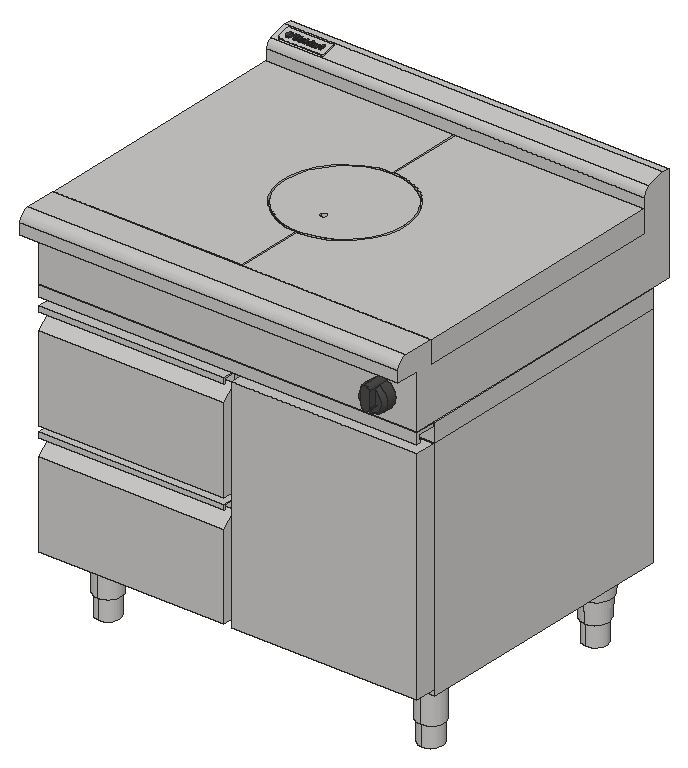
Revit family "QF_MOFFAT WALDORF_RNL8100G-RB", category Specialty Equipment, Revit 2012
Parameters
  Width = 900 mm
  Weight in Pounds = 489.4256
  Watts = 250 W
  Volts = 240 V
  URL Cutsheet = "www.moffat.com"
  URL = "www.moffat.com"
  Type Mark [instance] = ""
  Status [instance] = ""
  Specification by User [instance] = ""
  Specification by Manufacturer = ""
  Show Logo [instance] = yes
  Show Clearance [instance] = yes
  Serial Number = ""
  Seismic Rating = ""
  SMACNA No = ""
  Revision Code [instance] = ""
  Phase = 1
  Omniclass Number and Title = ""
  Number of Poles = 1
  NAFEM Spec ID Number = ""
  Model = "RNL8100G-RB"
  Min Ckt Ampacity = 0 A
  Mechanical Remarks = ""
  Mechanical Connection Type [instance] = ""
  Max Overcurrent Protection = 0 A
  Masterspec = ""
  Manufacturer = "MOFFAT WALDORF"
  Item Number [instance] = ""
  Installed By [instance] = ""
  Identify Quantity as Lot [instance] = yes
  Height = 970 mm
  HP = ""
  Gas Size = 3/4"
  Gas RI Height [instance] = 0 mm
  Gas KW [instance] = 12.5
  Gas Input [instance] = 42652.0 Btu/h
  Gas Connection Height = 0 mm
  Furnished By [instance] = ""
  Foodservice Equipment Identifier [instance] = yes
  FL Amps = 1.8 A
  Electrical Remarks = ""
  Electric Connection Type = ""
  Elec Conn RI Height = 0 mm
  Elec Conn Connection Height = 0 mm
  Drawer Clearance [instance] = yes
  Description = "TARGET TOP LOW SPLASHBACK GAS HOB ON REFRIGERATED BASE"
  Depth = 805 mm
  Cycle = 50 Hz
  Conn Plug = ""
  Conn Conduit = yes
  CSI MasterFormat = ""
  CSI Master Format = ""
  Apparent Power = if(Phase = 3, Volts * FL Amps * 1.73, Volts * FL Amps)  # 432 VA
Reference planes
  plane 1 "BACK": y = 0
  plane 2: z = 0
  plane 3 "LEFT": x = 0
  plane 4 "RIGHT": x = 900
  plane 5 "FRONT": y = -805
  plane 6 "TOP": z = 970
  plane 7 "Center Y": x = 450
  plane 8 "Center X": y = -402.5
  plane 9: x = 280
  plane 10: y = -574.272
  plane 11: x = 60
  plane 12: y = -304.972
  plane 13: y = -364.972
  plane 14: x = 74
  plane 15: y = -805
  plane 16: x = 834.5
  plane 17: y = -32
  plane 18: z = 655
  plane 19: x = 617
  plane 20: z = 402
  plane 21: y = -136
Forms (mm)
  Extrusion 1, solid, material "QF_Finishes_Stainless Steel"
    sketch origin (0, 0, 0) x (0, 1, 0) y (0, 0, 1)
      loop
        line (-46.73, 150) -> (-46.73, 690.402) -> (-696.73, 690.402) -> (-696.73, 150) -> (-46.73, 150)
      loop
        line (-16.5, 970) -> (-58.709, 958.69)
        arc (-58.709, 958.69) -> (-66.975, 950.425) -> (-70, 939.134) r 22.582
        line (-70, 939.134) -> (-70, 861.8) -> (-709, 861.8) -> (-709, 915) -> (-781, 915)
        arc (-781, 915) -> (-797.971, 907.971) -> (-805, 891) r 24
        line (-805, 891) -> (-805, 866) -> (-749, 866) -> (-749, 736.219) -> (0, 736.219) -> (0, 970) -> (-16.5, 970)
      loop
        line (-749, 710) -> (-740.224, 710) -> (-742.613, 726.999) -> (-700.93, 726.999) -> (-700.93, 734.003) -> (-749, 734.003) -> (-749, 710)
      loop
        line (-696.73, 734.003) -> (-696.73, 691.402) -> (-46.73, 691.402) -> (-46.73, 734.003) -> (-696.73, 734.003)
    from 0 to 900
  Extrusion 2, solid, material "QF_Finishes_Stainless Steel"
    sketch origin (0, 0, 0) x (0, 1, 0) y (0, 0, 1)
      loop
        line (-699, 690) -> (-749, 690) -> (-749, 678) -> (-747, 678) -> (-747, 688) -> (-715.13, 688) -> (-715.13, 665) -> (-749, 636.579) -> (-749, 434.8) -> (-699, 434.8) -> (-699, 690)
      loop
        line (-749, 165) -> (-699, 165) -> (-699, 420.2) -> (-749, 420.2) -> (-749, 408.2) -> (-747, 408.2) -> (-747, 418.2) -> (-715.13, 418.2) -> (-715.13, 395.2) -> (-749, 366.779) -> (-749, 165)
    from 0 to 440
  Extrusion 3, solid, material "QF_Finishes_Stainless Steel"
    sketch origin (723.5, 0, 0) x (0, 1, 0) y (0, 0, 1)
      loop
        line (-699, 690) -> (-749, 690) -> (-749, 165) -> (-699, 165) -> (-699, 690)
    from -263.5 to 176.5
  Extrusion 4, solid, material "QF_Finishes_Stainless Steel"
    sketch origin (0, 0, 0) x (0, 1, 0) y (0, 0, 1)
      loop
        line (-72.734, 915) -> (-705.7, 915) -> (-705.7, 862.8) -> (-72.734, 862.8) -> (-72.734, 915)
    from 0 to 900
  Revolve 5, solid, material "QF_Finishes_Black"
    sketch origin (824.351, 38.874, 1.132) x (0, 1, 0) y (0, 0, 1)
      loop
        line (-820.874, 829.5) -> (-831.874, 823.651) -> (-831.874, 797) -> (-787.874, 797) -> (-787.874, 802) -> (-797.874, 802) -> (-797.874, 829.5) -> (-820.874, 829.5)
      axis (-831.874, 797) -> (-787.874, 797)
    angle from 0 to 360
  Extrusion 6, solid, material "QF_Finishes_Black"
    sketch origin (676.544, 0, 1.132) x (1, 0, 0) y (0, 0, 1)
      loop
        line (158.3, 789) -> (158.3, 824)
        arc (158.3, 824) -> (148.3, 834) -> (138.3, 824) r 10
        line (138.3, 824) -> (138.3, 789)
        arc (138.3, 789) -> (148.3, 779) -> (158.3, 789) r 10
    from 759 to 808
  Extrusion 7, void
    sketch origin (0, -138, 915) x (1, 0, 0) y (0, -1, 0)
      loop
        circle (450, 262.2) r 140
      loop
        arc (452.2, 117.22) -> (594.802, 262.404) -> (451.798, 407.193) r 145.003
        line (451.798, 407.193) -> (451.798, 567.7) -> (447.7, 567.7) -> (447.7, 407.17)
        arc (447.7, 407.17) -> (305.533, 262.063) -> (447.967, 117.217) r 145.002
        line (447.967, 117.217) -> (447.967, -65.266) -> (452.2, -65.266) -> (452.2, 117.22)
      loop
        circle (450, 324.79) r 7.524
    from 0 to 10
  Revolve 8, solid, material "QF_Finishes_Stainless Steel"
    sketch origin (834.5, -696.126, 0) x (0, 1, 0) y (0, 0, -1)
      loop
        line (39.376, -150) -> (71.126, -150) -> (71.126, 0) -> (43.626, 0) -> (43.626, -50) -> (39.376, -50) -> (39.376, -150)
      axis (71.126, -150) -> (71.126, 0)
    angle from 0 to 360
  Revolve 9, solid, material "QF_Finishes_Stainless Steel"
    sketch origin (65.5, -696.126, 0) x (0, 1, 0) y (0, 0, 1)
      loop
        line (39.376, 150) -> (39.376, 50) -> (43.626, 50) -> (43.626, 0) -> (71.126, 0) -> (71.126, 150) -> (39.376, 150)
      axis (71.126, 150) -> (71.126, 0)
    angle from 0 to 360
  Extrusion 10, solid, material "QF_Finishes_Stainless Steel"
    sketch origin (-64.5, 0, 325) x (1, 0, 0) y (0, 1, 0)
      loop
        circle (834.5, -32) r 10
    from 330 to 411.219
  Revolve 11, solid, material "QF_Finishes_Stainless Steel"
    sketch origin (834.5, -201, 0) x (0, 1, 0) y (0, 0, -1)
      loop
        line (33.25, -50) -> (31.418, -102.468) -> (26.406, -102.468) -> (22.247, -150) -> (65, -150) -> (65, 0) -> (37.5, 0) -> (37.5, -50) -> (33.25, -50)
      axis (65, -150) -> (65, 0)
    angle from 0 to 360
  Revolve 12, solid, material "QF_Finishes_Stainless Steel"
    sketch origin (65.5, -201, 0) x (0, 1, 0) y (0, 0, 1)
      loop
        line (31.418, 102.468) -> (33.25, 50) -> (37.5, 50) -> (37.5, 0) -> (65, 0) -> (65, 150) -> (22.247, 150) -> (26.406, 102.468) -> (31.418, 102.468)
      axis (65, 150) -> (65, 0)
    angle from 0 to 360
  Extrusion 13, solid, material "QF_Finishes_Stainless Steel"
    sketch origin (0, -46.73, 826) x (0, 0, 1) y (1, 0, 0)
      loop
        circle (-424, 617) r 15
    from 0 to 5
  Extrusion 14, solid, material "QF_Door-Drawer Clearances", visible <- "Show Clearance", detail levels coarse
    sketch origin (0, -749, 676) x (0, 0, -1) y (1, 0, 0)
      loop
        line (511, 440) -> (255.8, 440) -> (255.8, 0) -> (511, 0) -> (511, 440)
      loop
        line (241.2, 440) -> (-14, 440) -> (-14, 0) -> (241.2, 0) -> (241.2, 440)
    from 0 to 304.8
Cuts and joins
  Extrusion 7 cuts Extrusion 1
  Extrusion 7 cuts Extrusion 4
Lines and regions (mm)
  Split face 1
    outline origin (0, -16.5, 970) x (0, -0.965926, -0.258819) y (1, 0, 0)
      loop
        line (1.962, 129.583) -> (29.558, 129.583) -> (29.558, 149.583) -> (1.962, 149.583) -> (1.962, 129.583)
  Split face 2
    outline origin (0, -16.5, 970) x (0, -0.965926, -0.258819) y (1, 0, 0)
      loop
        line (29.558, 156.5) -> (29.558, 176.5) -> (1.962, 176.5) -> (1.962, 156.5) -> (29.558, 156.5)
  Split face 3
    outline origin (0, -16.5, 970) x (0, -0.965926, -0.258819) y (1, 0, 0)
      loop
        line (29.558, 203.5) -> (1.962, 203.5) -> (1.962, 183.5) -> (29.558, 183.5) -> (29.558, 203.5)
  Split face 4
    outline origin (0, -16.5, 970) x (0, -0.965926, -0.258819) y (1, 0, 0)
      loop
        line (29.558, 230.5) -> (1.962, 230.5) -> (1.962, 210.5) -> (29.558, 210.5) -> (29.558, 230.5)
  Split face 5
    outline origin (0, -16.5, 970) x (0, -0.965926, -0.258819) y (1, 0, 0)
      loop
        line (29.558, 257.5) -> (1.962, 257.5) -> (1.962, 237.5) -> (29.558, 237.5) -> (29.558, 257.5)
  Split face 6
    outline origin (0, -16.5, 970) x (0, -0.965926, -0.258819) y (1, 0, 0)
      loop
        line (29.558, 264.5) -> (29.558, 284.5) -> (1.962, 284.5) -> (1.962, 264.5) -> (29.558, 264.5)
  Split face 7
    outline origin (0, -16.5, 970) x (0, -0.965926, -0.258819) y (1, 0, 0)
      loop
        line (29.558, 311.5) -> (1.962, 311.5) -> (1.962, 291.5) -> (29.558, 291.5) -> (29.558, 311.5)
  Split face 8
    outline origin (0, -16.5, 970) x (0, -0.965926, -0.258819) y (1, 0, 0)
      loop
        line (1.962, 638.5) -> (1.962, 618.5) -> (29.558, 618.5) -> (29.558, 638.5) -> (1.962, 638.5)
  Split face 9
    outline origin (0, -16.5, 970) x (0, -0.965926, -0.258819) y (1, 0, 0)
      loop
        line (1.962, 645.5) -> (29.558, 645.5) -> (29.558, 665.5) -> (1.962, 665.5) -> (1.962, 645.5)
  Split face 10
    outline origin (0, -16.5, 970) x (0, -0.965926, -0.258819) y (1, 0, 0)
      loop
        line (29.558, 672.5) -> (29.558, 692.5) -> (1.962, 692.5) -> (1.962, 672.5) -> (29.558, 672.5)
  Split face 11
    outline origin (0, -16.5, 970) x (0, -0.965926, -0.258819) y (1, 0, 0)
      loop
        line (29.558, 699.5) -> (29.558, 719.5) -> (1.962, 719.5) -> (1.962, 699.5) -> (29.558, 699.5)
  Split face 12
    outline origin (0, -16.5, 970) x (0, -0.965926, -0.258819) y (1, 0, 0)
      loop
        line (29.558, 726.5) -> (29.558, 746.5) -> (1.962, 746.5) -> (1.962, 726.5) -> (29.558, 726.5)
  Split face 13
    outline origin (0, -16.5, 970) x (0, -0.965926, -0.258819) y (1, 0, 0)
      loop
        line (1.962, 753.5) -> (29.558, 753.5) -> (29.558, 773.5) -> (1.962, 773.5) -> (1.962, 753.5)
  Split face 14
    outline origin (29.312, -16.5, 970) x (0, -0.965926, -0.258819) y (1, 0, 0)
      loop
        line (29.558, 311.5) -> (1.962, 311.5) -> (1.962, 291.5) -> (29.558, 291.5) -> (29.558, 311.5)
  Split face 15
    outline origin (58.539, -16.5, 970) x (0, -0.965926, -0.258819) y (1, 0, 0)
      loop
        line (29.558, 311.5) -> (1.962, 311.5) -> (1.962, 291.5) -> (29.558, 291.5) -> (29.558, 311.5)
  Split face 16
    outline origin (85.538, -16.5, 970) x (0, -0.965926, -0.258819) y (1, 0, 0)
      loop
        line (29.558, 311.5) -> (1.962, 311.5) -> (1.962, 291.5) -> (29.558, 291.5) -> (29.558, 311.5)
  Split face 17
    outline origin (111.014, -16.5, 970) x (0, -0.965926, -0.258819) y (1, 0, 0)
      loop
        line (29.558, 311.5) -> (1.962, 311.5) -> (1.962, 291.5) -> (29.558, 291.5) -> (29.558, 311.5)
  Split face 18
    outline origin (137.462, -16.5, 970) x (0, -0.965926, -0.258819) y (1, 0, 0)
      loop
        line (29.558, 311.5) -> (1.962, 311.5) -> (1.962, 291.5) -> (29.558, 291.5) -> (29.558, 311.5)
  Split face 19
    outline origin (163.546, -16.5, 970) x (0, -0.965926, -0.258819) y (1, 0, 0)
      loop
        line (29.558, 311.5) -> (1.962, 311.5) -> (1.962, 291.5) -> (29.558, 291.5) -> (29.558, 311.5)
  Split face 20
    outline origin (189.443, -16.5, 970) x (0, -0.965926, -0.258819) y (1, 0, 0)
      loop
        line (29.558, 311.5) -> (1.962, 311.5) -> (1.962, 291.5) -> (29.558, 291.5) -> (29.558, 311.5)
  Split face 21
    outline origin (215.891, -16.5, 970) x (0, -0.965926, -0.258819) y (1, 0, 0)
      loop
        line (29.558, 311.5) -> (1.962, 311.5) -> (1.962, 291.5) -> (29.558, 291.5) -> (29.558, 311.5)
  Split face 22
    outline origin (246.196, -16.5, 970) x (0, -0.965926, -0.258819) y (1, 0, 0)
      loop
        line (29.558, 311.5) -> (1.962, 311.5) -> (1.962, 291.5) -> (29.558, 291.5) -> (29.558, 311.5)
  Split face 23
    outline origin (274.297, -16.5, 970) x (0, -0.965926, -0.258819) y (1, 0, 0)
      loop
        line (29.558, 311.5) -> (1.962, 311.5) -> (1.962, 291.5) -> (29.558, 291.5) -> (29.558, 311.5)
  Split face 24
    outline origin (299.643, -16.5, 970) x (0, -0.965926, -0.258819) y (1, 0, 0)
      loop
        line (29.558, 311.5) -> (1.962, 311.5) -> (1.962, 291.5) -> (29.558, 291.5) -> (29.558, 311.5)
  Split face 25
    outline origin (738.5, -749, 676) x (0, 0, -1) y (1, 0, 0)
      loop
        circle (252.392, -256.833) r 12
  Split face 26
    outline origin (723.5, -749, 676) x (0, 0, -1) y (1, 0, 0)
      loop
        line (41.995, -123.718) -> (57.195, -123.718) -> (57.195, 124.006) -> (41.995, 124.006) -> (41.995, -123.718)
  Split face 27
    outline origin (723.5, -749, 676) x (0, 0, -1) y (1, 0, 0)
      loop
        line (76.995, 124.016) -> (61.795, 124.016) -> (61.795, -123.709) -> (76.995, -123.709) -> (76.995, 124.016)
  Split face 28
    outline origin (723.5, -749, 626) x (0, 0, -1) y (1, 0, 0)
      loop
        line (41.995, -123.718) -> (57.195, -123.718) -> (57.195, 124.006) -> (41.995, 124.006) -> (41.995, -123.718)
  Split face 29
    outline origin (723.5, -749, 626) x (0, 0, -1) y (1, 0, 0)
      loop
        line (76.995, 124.016) -> (61.795, 124.016) -> (61.795, -123.709) -> (76.995, -123.709) -> (76.995, 124.016)
  Split face 30
    outline origin (723.5, -749, 527.25) x (0, 0, -1) y (1, 0, 0)
      loop
        line (41.995, -123.718) -> (57.195, -123.718) -> (57.195, 124.006) -> (41.995, 124.006) -> (41.995, -123.718)
  Split face 31
    outline origin (723.5, -749, 527.25) x (0, 0, -1) y (1, 0, 0)
      loop
        line (76.995, 124.016) -> (61.795, 124.016) -> (61.795, -123.709) -> (76.995, -123.709) -> (76.995, 124.016)
  Split face 32
    outline origin (723.5, -749, 477.25) x (0, 0, -1) y (1, 0, 0)
      loop
        line (41.995, -123.718) -> (57.195, -123.718) -> (57.195, 124.006) -> (41.995, 124.006) -> (41.995, -123.718)
  Split face 33
    outline origin (723.5, -749, 477.25) x (0, 0, -1) y (1, 0, 0)
      loop
        line (76.995, 124.016) -> (61.795, 124.016) -> (61.795, -123.709) -> (76.995, -123.709) -> (76.995, 124.016)
  Split face 34
    outline origin (723.5, -749, 427.25) x (0, 0, -1) y (1, 0, 0)
      loop
        line (41.995, -123.718) -> (57.195, -123.718) -> (57.195, 124.006) -> (41.995, 124.006) -> (41.995, -123.718)
  Split face 35
    outline origin (723.5, -749, 427.25) x (0, 0, -1) y (1, 0, 0)
      loop
        line (76.995, 124.016) -> (61.795, 124.016) -> (61.795, -123.709) -> (76.995, -123.709) -> (76.995, 124.016)
  Split face 36
    outline origin (723.5, -749, 377.25) x (0, 0, -1) y (1, 0, 0)
      loop
        line (41.995, -123.718) -> (57.195, -123.718) -> (57.195, 124.006) -> (41.995, 124.006) -> (41.995, -123.718)
  Split face 37
    outline origin (723.5, -749, 377.25) x (0, 0, -1) y (1, 0, 0)
      loop
        line (76.995, 124.016) -> (61.795, 124.016) -> (61.795, -123.709) -> (76.995, -123.709) -> (76.995, 124.016)
  Split face 38
    outline origin (723.5, -749, 676) x (0, 0, -1) y (1, 0, 0)
      loop
        circle (252.392, -241.833) r 2.802
  Split face 39
    outline origin (723.5, -749, 676) x (0, 0, -1) y (1, 0, 0)
      loop
        line (139.528, -30.303) -> (174.528, -30.303) -> (174.528, 56.898) -> (139.528, 56.898) -> (139.528, -30.303)
  Split face 40
    outline origin (723.5, -749, 676) x (0, 0, -1) y (1, 0, 0)
      loop
        line (145.571, -4.64) -> (168.235, -4.64) -> (168.235, 31.41) -> (145.571, 31.41) -> (145.571, -4.64)
  Split face 41
    outline origin (723.5, -749, 676) x (0, 0, -1) y (1, 0, 0)
      loop
        line (139.528, -77.279) -> (174.528, -77.279) -> (174.528, -44.492) -> (139.528, -44.492) -> (139.528, -77.279)
  symbolic lines
    curve 1: line (0, 0, 0) -> (0, -805, 0)
    curve 2: line (900, 0, 0) -> (0, 0, 0)
    curve 3: line (900, -805, 0) -> (900, 0, 0)
    curve 4: line (0, -70, 0) -> (900, -70, 0)
    curve 5: line (12.5, -51.234, 0) -> (12.5, -20.958, 0)
    curve 6: line (12.5, -20.958, 0) -> (121.5, -20.958, 0)
    curve 7: line (12.5, -51.234, 0) -> (121.5, -51.234, 0)
    curve 8: line (121.5, -20.958, 0) -> (121.5, -51.234, 0)
    curve 9: line (129.583, -22.262, 0) -> (129.583, -50.526, 0)
    curve 10: line (129.583, -50.526, 0) -> (149.583, -50.526, 0)
    curve 11: line (149.583, -50.526, 0) -> (149.583, -22.262, 0)
    curve 12: line (149.583, -22.262, 0) -> (129.583, -22.262, 0)
    curve 13: line (156.5, -22.262, 0) -> (156.5, -50.526, 0)
    curve 14: line (156.5, -50.526, 0) -> (176.5, -50.526, 0)
    curve 15: line (176.5, -50.526, 0) -> (176.5, -22.262, 0)
    curve 16: line (176.5, -22.262, 0) -> (156.5, -22.262, 0)
    curve 17: line (183.5, -22.262, 0) -> (183.5, -50.526, 0)
    curve 18: line (183.5, -50.526, 0) -> (203.5, -50.526, 0)
    curve 19: line (203.5, -50.526, 0) -> (203.5, -22.262, 0)
    curve 20: line (203.5, -22.262, 0) -> (183.5, -22.262, 0)
    curve 21: line (210.5, -22.262, 0) -> (210.5, -50.526, 0)
    curve 22: line (210.5, -50.526, 0) -> (230.5, -50.526, 0)
    curve 23: line (230.5, -50.526, 0) -> (230.5, -22.262, 0)
    curve 24: line (230.5, -22.262, 0) -> (210.5, -22.262, 0)
    curve 25: line (900, -805, 0) -> (0, -805, 0)
    curve 26: line (237.5, -22.262, 0) -> (237.5, -50.526, 0)
    curve 27: line (237.5, -50.526, 0) -> (257.5, -50.526, 0)
    curve 28: line (257.5, -50.526, 0) -> (257.5, -22.262, 0)
    curve 29: line (257.5, -22.262, 0) -> (237.5, -22.262, 0)
    curve 30: line (264.417, -22.262, 0) -> (264.417, -50.526, 0)
    curve 31: line (264.417, -50.526, 0) -> (284.417, -50.526, 0)
    curve 32: line (284.417, -50.526, 0) -> (284.417, -22.262, 0)
    curve 33: line (284.417, -22.262, 0) -> (264.417, -22.262, 0)
    curve 34: line (291.417, -22.262, 0) -> (291.417, -50.526, 0)
    curve 35: line (291.417, -50.526, 0) -> (311.417, -50.526, 0)
    curve 36: line (311.417, -50.526, 0) -> (311.417, -22.262, 0)
    curve 37: line (311.417, -22.262, 0) -> (291.417, -22.262, 0)
    curve 38: line (318.417, -22.262, 0) -> (318.417, -50.526, 0)
    curve 39: line (318.417, -50.526, 0) -> (338.417, -50.526, 0)
    curve 40: line (338.417, -50.526, 0) -> (338.417, -22.262, 0)
    curve 41: line (338.417, -22.262, 0) -> (318.417, -22.262, 0)
    curve 42: line (350.039, -22.262, 0) -> (350.039, -50.526, 0)
    curve 43: line (350.039, -50.526, 0) -> (370.039, -50.526, 0)
    curve 44: line (370.039, -50.526, 0) -> (370.039, -22.262, 0)
    curve 45: line (370.039, -22.262, 0) -> (350.039, -22.262, 0)
    curve 46: line (376.956, -22.262, 0) -> (376.956, -50.526, 0)
    curve 47: line (376.956, -50.526, 0) -> (396.956, -50.526, 0)
    curve 48: line (396.956, -50.526, 0) -> (396.956, -22.262, 0)
    curve 49: line (396.956, -22.262, 0) -> (376.956, -22.262, 0)
    curve 50: line (403.956, -22.262, 0) -> (403.956, -50.526, 0)
    curve 51: line (403.956, -50.526, 0) -> (423.956, -50.526, 0)
    curve 52: line (423.956, -50.526, 0) -> (423.956, -22.262, 0)
    curve 53: line (423.956, -22.262, 0) -> (403.956, -22.262, 0)
    curve 54: line (430.956, -22.262, 0) -> (430.956, -50.526, 0)
    curve 55: line (430.956, -50.526, 0) -> (450.956, -50.526, 0)
    curve 56: line (450.956, -50.526, 0) -> (450.956, -22.262, 0)
    curve 57: line (450.956, -22.262, 0) -> (430.956, -22.262, 0)
    curve 58: line (457.956, -22.262, 0) -> (457.956, -50.526, 0)
    curve 59: line (457.956, -50.526, 0) -> (477.956, -50.526, 0)
    curve 60: line (477.956, -50.526, 0) -> (477.956, -22.262, 0)
    curve 61: line (477.956, -22.262, 0) -> (457.956, -22.262, 0)
    curve 62: line (484.872, -22.262, 0) -> (484.872, -50.526, 0)
    curve 63: line (484.872, -50.526, 0) -> (504.872, -50.526, 0)
    curve 64: line (504.872, -50.526, 0) -> (504.872, -22.262, 0)
    curve 65: line (504.872, -22.262, 0) -> (484.872, -22.262, 0)
    curve 66: line (511.872, -22.262, 0) -> (511.872, -50.526, 0)
    curve 67: line (511.872, -50.526, 0) -> (531.872, -50.526, 0)
    curve 68: line (531.872, -50.526, 0) -> (531.872, -22.262, 0)
    curve 69: line (531.872, -22.262, 0) -> (511.872, -22.262, 0)
    curve 70: line (538.872, -22.262, 0) -> (538.872, -50.526, 0)
    curve 71: line (538.872, -50.526, 0) -> (558.872, -50.526, 0)
    curve 72: line (558.872, -50.526, 0) -> (558.872, -22.262, 0)
    curve 73: line (558.872, -22.262, 0) -> (538.872, -22.262, 0)
    curve 74: line (565.797, -22.262, 0) -> (565.797, -50.526, 0)
    curve 75: line (565.797, -50.526, 0) -> (585.797, -50.526, 0)
    curve 76: line (585.797, -50.526, 0) -> (585.797, -22.262, 0)
    curve 77: line (585.797, -22.262, 0) -> (565.797, -22.262, 0)
    curve 78: line (592.714, -22.262, 0) -> (592.714, -50.526, 0)
    curve 79: line (592.714, -50.526, 0) -> (612.714, -50.526, 0)
    curve 80: line (612.714, -50.526, 0) -> (612.714, -22.262, 0)
    curve 81: line (612.714, -22.262, 0) -> (592.714, -22.262, 0)
    curve 82: line (619.714, -22.262, 0) -> (619.714, -50.526, 0)
    curve 83: line (619.714, -50.526, 0) -> (639.714, -50.526, 0)
    curve 84: line (639.714, -50.526, 0) -> (639.714, -22.262, 0)
    curve 85: line (639.714, -22.262, 0) -> (619.714, -22.262, 0)
    curve 86: line (646.714, -22.262, 0) -> (646.714, -50.526, 0)
    curve 87: line (646.714, -50.526, 0) -> (666.714, -50.526, 0)
    curve 88: line (666.714, -50.526, 0) -> (666.714, -22.262, 0)
    curve 89: line (666.714, -22.262, 0) -> (646.714, -22.262, 0)
    curve 90: line (673.714, -22.262, 0) -> (673.714, -50.526, 0)
    curve 91: line (673.714, -50.526, 0) -> (693.714, -50.526, 0)
    curve 92: line (693.714, -50.526, 0) -> (693.714, -22.262, 0)
    curve 93: line (693.714, -22.262, 0) -> (673.714, -22.262, 0)
    curve 94: line (700.631, -22.262, 0) -> (700.631, -50.526, 0)
    curve 95: line (700.631, -50.526, 0) -> (720.631, -50.526, 0)
    curve 96: line (720.631, -50.526, 0) -> (720.631, -22.262, 0)
    curve 97: line (720.631, -22.262, 0) -> (700.631, -22.262, 0)
    curve 98: line (727.631, -22.262, 0) -> (727.631, -50.526, 0)
    curve 99: line (727.631, -50.526, 0) -> (747.631, -50.526, 0)
    curve 100: line (747.631, -50.526, 0) -> (747.631, -22.262, 0)
    curve 101: line (747.631, -22.262, 0) -> (727.631, -22.262, 0)
    curve 102: line (754.631, -22.262, 0) -> (754.631, -50.526, 0)
    curve 103: line (754.631, -50.526, 0) -> (774.631, -50.526, 0)
    curve 104: line (774.631, -50.526, 0) -> (774.631, -22.262, 0)
    curve 105: line (774.631, -22.262, 0) -> (754.631, -22.262, 0)
    curve 106: line (447.967, -72.734, 0) -> (447.967, -255.217, 0)
    curve 107: arc (452.2, -255.22, 0) -> (594.802, -400.404, 0) -> (451.798, -545.193, 0) r 145.003
    curve 108: line (452.2, -255.22, 0) -> (452.2, -72.734, 0)
    curve 109: arc (590, -400.2, 0) -> (450, -260.2, 0) -> (310, -400.2, 0) r 140
    curve 110: arc (447.7, -545.17, 0) -> (305.533, -400.063, 0) -> (447.967, -255.217, 0) r 145.002
    curve 111: arc (310, -400.2, 0) -> (450, -540.2, 0) -> (590, -400.2, 0) r 140
    curve 112: line (451.798, -705.7, 0) -> (451.798, -545.193, 0)
    curve 113: line (447.7, -545.17, 0) -> (447.7, -705.7, 0)
    curve 114: line (900, -709, 0) -> (0, -709, 0)
    curve 115: line (0, -705.7, 0) -> (900, -705.7, 0)
    curve 116: line (900, -72.734, 0) -> (0, -72.734, 0)
    curve 117: arc (442.476, -462.79, 0) -> (450, -455.266, 0) -> (457.524, -462.79, 0) r 7.524
    curve 118: arc (457.524, -462.79, 0) -> (450, -470.314, 0) -> (442.476, -462.79, 0) r 7.524
  symbolic lines, style "QF_Door-Drawer Clearances", visible <- "Show Clearance"
    curve 119: line (0, -1053.8, 0) -> (440, -1053.8, 0)
    curve 120: line (440, -1053.8, 0) -> (440, -805, 0)
    curve 121: line (0, -1053.8, 0) -> (0, -805, 0)
Dimensions and locks
  equal spacing: plane 3 "LEFT", plane 7 "Center Y", plane 4 "RIGHT"
  "Width": plane 3 "LEFT" to plane 4 "RIGHT"
  equal spacing: plane 5 "FRONT", plane 8 "Center X", plane 1 "BACK"
  plane 5 "FRONT" to plane 1 "BACK" = 805 mm  (x2)
  equal spacing: plane 4 "RIGHT", plane 7 "Center Y", plane 3 "LEFT"
  plane 4 "RIGHT" to plane 3 "LEFT" = 900 mm
  "Height": plane 6 "TOP" to level
  plane 10 to plane 1 "BACK" = 574.272 mm
  plane 12 to plane 1 "BACK" = 304.972 mm  (x2)
  plane 11 to plane 3 "LEFT" = 60 mm
  plane 14 to plane 3 "LEFT" = 74 mm
  plane 9 to plane 3 "LEFT" = 280 mm
  "Depth": plane 1 "BACK" to plane 15
  plane 15 to plane 5 "FRONT" = 0 mm
  plane 6 "TOP" to plane 2 = 970 mm
  cut or joined group of Extrusion 1, Extrusion 7 to level = 915 mm
  level to cut or joined group of Extrusion 1, Extrusion 7 = 150 mm
  plane 19 to plane 4 "RIGHT" = 283 mm
  locked: plane 2 to Extrusion 1 sketch curve at 861.8
  locked: plane 2 to Extrusion 1 sketch curve at 915
  aligned and locked: level to plane 2
  aligned and locked: curve 3 to plane 4 "RIGHT"
  aligned and locked: Extrusion 1 to Extrusion 4  (x2)
Automatic sketch dimensions
  Extrusion 1 to Split face 1 sketch curve = 1.962 mm
  Split face 1 sketch curve to Extrusion 1 = 14.14 mm
  Split face 1 sketch curve to Extrusion 1 = 129.583 mm
  Split face 1 sketch curve to Split face 1 sketch curve = 20 mm
  Extrusion 1 to Split face 2 sketch curve = 1.962 mm
  Split face 2 sketch curve to Extrusion 1 = 14.14 mm
  Split face 2 sketch curve to Extrusion 1 = 156.5 mm
  Split face 2 sketch curve to Split face 2 sketch curve = 20 mm
  Extrusion 1 to Split face 3 sketch curve = 1.962 mm
  Split face 3 sketch curve to Extrusion 1 = 14.14 mm
  Split face 3 sketch curve to Extrusion 1 = 183.5 mm
  Split face 3 sketch curve to Split face 3 sketch curve = 20 mm
  Extrusion 1 to Split face 4 sketch curve = 1.962 mm
  Split face 4 sketch curve to Extrusion 1 = 14.14 mm
  Split face 4 sketch curve to Extrusion 1 = 210.5 mm
  Split face 4 sketch curve to Split face 4 sketch curve = 20 mm
  Extrusion 1 to Split face 5 sketch curve = 1.962 mm
  Split face 5 sketch curve to Extrusion 1 = 14.14 mm
  Split face 5 sketch curve to Extrusion 1 = 237.5 mm
  Split face 5 sketch curve to Split face 5 sketch curve = 20 mm
  Extrusion 1 to Split face 6 sketch curve = 1.962 mm
  Split face 6 sketch curve to Extrusion 1 = 14.14 mm
  Split face 6 sketch curve to Extrusion 1 = 264.5 mm
  Split face 6 sketch curve to Split face 6 sketch curve = 20 mm
  Extrusion 1 to Split face 7 sketch curve = 1.962 mm
  Split face 7 sketch curve to Extrusion 1 = 14.14 mm
  Split face 7 sketch curve to Extrusion 1 = 291.5 mm
  Split face 7 sketch curve to Split face 7 sketch curve = 20 mm
  Extrusion 1 to Split face 8 sketch curve = 1.962 mm
  Split face 8 sketch curve to Extrusion 1 = 14.14 mm
  Split face 8 sketch curve to Extrusion 1 = 281.5 mm
  Split face 8 sketch curve to Split face 8 sketch curve = 20 mm
  Extrusion 1 to Split face 9 sketch curve = 1.962 mm
  Split face 9 sketch curve to Extrusion 1 = 14.14 mm
  Split face 9 sketch curve to Extrusion 1 = 254.5 mm
  Split face 9 sketch curve to Split face 9 sketch curve = 20 mm
  Extrusion 1 to Split face 10 sketch curve = 1.962 mm
  Split face 10 sketch curve to Extrusion 1 = 14.14 mm
  Split face 10 sketch curve to Extrusion 1 = 227.5 mm
  Split face 10 sketch curve to Split face 10 sketch curve = 20 mm
  Extrusion 1 to Split face 11 sketch curve = 1.962 mm
  Split face 11 sketch curve to Extrusion 1 = 14.14 mm
  Split face 11 sketch curve to Extrusion 1 = 200.5 mm
  Split face 11 sketch curve to Split face 11 sketch curve = 20 mm
  Extrusion 1 to Split face 12 sketch curve = 1.962 mm
  Split face 12 sketch curve to Extrusion 1 = 14.14 mm
  Split face 12 sketch curve to Extrusion 1 = 173.5 mm
  Split face 12 sketch curve to Split face 12 sketch curve = 20 mm
  Extrusion 1 to Split face 13 sketch curve = 1.962 mm
  Split face 13 sketch curve to Extrusion 1 = 14.14 mm
  Split face 13 sketch curve to Extrusion 1 = 146.5 mm
  Split face 13 sketch curve to Split face 13 sketch curve = 20 mm
  Extrusion 2 sketch curve to plane 5 "FRONT" = 56 mm  (x2)
  Extrusion 2 sketch curve to plane 18 = 18.421 mm
  Extrusion 2 sketch curve to Extrusion 2 sketch curve = 0 mm  (x3)
  plane 20 to Extrusion 2 sketch curve = 6.2 mm
  Extrusion 2 sketch curve to Extrusion 2 sketch curve = 2 mm  (x4)
  Extrusion 2 sketch curve to plane 20 = 6.8 mm
  Extrusion 2 sketch curve to Extrusion 2 sketch curve = 31.87 mm  (x2)
  plane 18 to Extrusion 2 sketch curve = 10 mm
  Extrusion 2 sketch curve to Extrusion 2 sketch curve = 16.13 mm
  Extrusion 2 sketch curve to plane 20 = 35.221 mm
  level to Extrusion 2 sketch curve = 165 mm
  plane 20 to Extrusion 2 sketch curve = 16.2 mm
  Extrusion 2 sketch curve to Extrusion 2 sketch curve = 14.6 mm
  plane 18 to Extrusion 2 sketch curve = 23 mm
  Extrusion 2 sketch curve to Extrusion 2 sketch curve = 10 mm
  Extrusion 3 sketch curve to plane 5 "FRONT" = 56 mm
  Extrusion 3 sketch curve to Extrusion 3 sketch curve = 50 mm
  level to Extrusion 3 sketch curve = 165 mm
  plane 18 to Extrusion 3 sketch curve = 35 mm
  Extrusion 4 sketch curve to plane 5 "FRONT" = 99.3 mm
  Extrusion 4 sketch curve to plane 17 = 40.734 mm
  plane 18 to Extrusion 4 sketch curve = 207.8 mm
  Extrusion 4 sketch curve to Extrusion 4 sketch curve = 52.2 mm
  Extrusion 1 to Split face 14 sketch curve = 1.962 mm
  Split face 14 sketch curve to Extrusion 1 = 14.14 mm
  Split face 14 sketch curve to Extrusion 1 = 320.812 mm
  Split face 14 sketch curve to Split face 14 sketch curve = 20 mm
  Extrusion 1 to Split face 15 sketch curve = 1.962 mm
  Split face 15 sketch curve to Extrusion 1 = 14.14 mm
  Split face 15 sketch curve to Extrusion 1 = 350.039 mm
  Split face 15 sketch curve to Split face 15 sketch curve = 20 mm
  Extrusion 1 to Split face 16 sketch curve = 1.962 mm
  Split face 16 sketch curve to Extrusion 1 = 14.14 mm
  Split face 16 sketch curve to Extrusion 1 = 377.038 mm
  Split face 16 sketch curve to Split face 16 sketch curve = 20 mm
  Extrusion 1 to Split face 17 sketch curve = 1.962 mm
  Split face 17 sketch curve to Extrusion 1 = 14.14 mm
  Split face 17 sketch curve to Extrusion 1 = 402.514 mm
  Split face 17 sketch curve to Split face 17 sketch curve = 20 mm
  Extrusion 1 to Split face 18 sketch curve = 1.962 mm
  Split face 18 sketch curve to Extrusion 1 = 14.14 mm
  Split face 18 sketch curve to Extrusion 1 = 428.962 mm
  Split face 18 sketch curve to Split face 18 sketch curve = 20 mm
  Extrusion 1 to Split face 19 sketch curve = 1.962 mm
  Split face 19 sketch curve to Extrusion 1 = 14.14 mm
  Split face 19 sketch curve to Extrusion 1 = 444.954 mm
  Split face 19 sketch curve to Split face 19 sketch curve = 20 mm
  Extrusion 1 to Split face 20 sketch curve = 1.962 mm
  Split face 20 sketch curve to Extrusion 1 = 14.14 mm
  Split face 20 sketch curve to Extrusion 1 = 419.057 mm
  Split face 20 sketch curve to Split face 20 sketch curve = 20 mm
  Extrusion 1 to Split face 21 sketch curve = 1.962 mm
  Split face 21 sketch curve to Extrusion 1 = 14.14 mm
  Split face 21 sketch curve to Extrusion 1 = 392.609 mm
  Split face 21 sketch curve to Split face 21 sketch curve = 20 mm
  Extrusion 1 to Split face 22 sketch curve = 1.962 mm
  Split face 22 sketch curve to Extrusion 1 = 14.14 mm
  Split face 22 sketch curve to Extrusion 1 = 362.304 mm
  Split face 22 sketch curve to Split face 22 sketch curve = 20 mm
  Extrusion 1 to Split face 23 sketch curve = 1.962 mm
  Split face 23 sketch curve to Extrusion 1 = 14.14 mm
  Split face 23 sketch curve to Extrusion 1 = 334.203 mm
  Split face 23 sketch curve to Split face 23 sketch curve = 20 mm
  Extrusion 1 to Split face 24 sketch curve = 1.962 mm
  Split face 24 sketch curve to Extrusion 1 = 14.14 mm
  Split face 24 sketch curve to Extrusion 1 = 308.857 mm
  Split face 24 sketch curve to Split face 24 sketch curve = 20 mm
  Revolve 5 sketch curve to plane 5 "FRONT" = 12 mm
  Revolve 5 sketch curve to Revolve 5 sketch curve = 0 mm  (x2)
  Revolve 5 sketch curve to Revolve 5 sketch curve = 11 mm
  Revolve 5 sketch curve to Revolve 5 sketch curve = 12.7 mm
  Revolve 5 sketch curve to Revolve 5 sketch curve = 23 mm
  Revolve 5 sketch curve to Revolve 5 sketch curve = 10 mm
  plane 18 to Revolve 5 sketch curve = 143.132 mm
  Revolve 5 sketch curve to Revolve 5 sketch curve = 5 mm
  Revolve 5 sketch curve to Revolve 5 sketch curve = 26.651 mm
  Revolve 5 sketch curve to Revolve 5 sketch curve = 5.849 mm
  Extrusion 6 sketch curve to plane 16 = 19.656 mm
  Extrusion 6 sketch curve to plane 16 = 9.656 mm
  plane 18 to Extrusion 6 sketch curve = 135.132 mm
  Extrusion 6 sketch curve to Extrusion 6 sketch curve = 35 mm
  Extrusion 7 sketch curve to Extrusion 4 = 0 mm
  Extrusion 4 to Extrusion 7 sketch curve = 0 mm
  Extrusion 4 to Extrusion 7 sketch curve = 160.53 mm
  Extrusion 4 to Extrusion 7 sketch curve = 447.7 mm
  Extrusion 4 to Extrusion 7 sketch curve = 447.967 mm
  Extrusion 7 sketch curve to Extrusion 7 sketch curve = 2.099 mm
  Extrusion 7 sketch curve to Extrusion 7 sketch curve = 0.201 mm  (x2)
  Extrusion 7 sketch curve to Extrusion 7 sketch curve = 0.535 mm
  Extrusion 7 sketch curve to Extrusion 7 sketch curve = 4.098 mm
  Extrusion 7 sketch curve to Extrusion 7 sketch curve = 4.232 mm
  Extrusion 7 sketch curve to Extrusion 7 sketch curve = 0.022 mm
  Extrusion 7 sketch curve to Extrusion 7 sketch curve = 82.38 mm
  Extrusion 7 sketch curve to Extrusion 7 sketch curve = 62.587 mm
  Extrusion 7 sketch curve to Extrusion 7 sketch curve = 0.003 mm
  Extrusion 7 sketch curve to Extrusion 7 sketch curve = 0.004 mm
  Revolve 8 sketch curve to level = 0 mm
  Revolve 8 sketch curve to plane 10 = 82.478 mm
  Revolve 8 sketch curve to Revolve 8 sketch curve = 4.25 mm
  Revolve 8 sketch curve to Revolve 8 sketch curve = 27.5 mm  (x2)
  level to Revolve 8 sketch curve = 50 mm
  Revolve 8 sketch curve to Revolve 8 sketch curve = 0 mm
  Revolve 8 sketch curve to Revolve 8 sketch curve = 100 mm
  Revolve 8 sketch curve to Revolve 8 sketch curve = 55 mm
  Revolve 9 sketch curve to level = 0 mm
  Revolve 9 sketch curve to plane 10 = 82.478 mm
  Revolve 9 sketch curve to Revolve 9 sketch curve = 4.25 mm
  Revolve 9 sketch curve to Revolve 9 sketch curve = 27.5 mm  (x2)
  Revolve 9 sketch curve to level = 55 mm
  Revolve 9 sketch curve to Revolve 9 sketch curve = 50 mm
  Revolve 9 sketch curve to Revolve 9 sketch curve = 0 mm
  Revolve 9 sketch curve to Revolve 9 sketch curve = 100 mm
  Extrusion 10 sketch curve to plane 17 = 0 mm
  Extrusion 10 sketch curve to plane 16 = 64.5 mm
  Split face 25 sketch curve to Extrusion 3 = 21.667 mm
  Split face 25 sketch curve to Extrusion 3 = 258.608 mm
  Split face 26 sketch curve to Extrusion 3 = 55.995 mm
  Split face 26 sketch curve to Split face 26 sketch curve = 15.2 mm
  Split face 26 sketch curve to Extrusion 3 = 139.782 mm
  Split face 26 sketch curve to Extrusion 3 = 52.494 mm
  Split face 27 sketch curve to Extrusion 3 = 75.795 mm
  Split face 27 sketch curve to Split face 27 sketch curve = 15.2 mm
  Split face 27 sketch curve to Extrusion 3 = 139.791 mm
  Split face 27 sketch curve to Extrusion 3 = 52.484 mm
  Split face 28 sketch curve to Extrusion 3 = 52.494 mm
  Split face 28 sketch curve to Extrusion 3 = 105.995 mm
  Split face 28 sketch curve to Split face 28 sketch curve = 15.2 mm
  Split face 28 sketch curve to Extrusion 3 = 139.782 mm
  Split face 29 sketch curve to Extrusion 3 = 52.484 mm
  Split face 29 sketch curve to Extrusion 3 = 125.795 mm
  Split face 29 sketch curve to Split face 29 sketch curve = 15.2 mm
  Split face 29 sketch curve to Extrusion 3 = 139.791 mm
  Split face 30 sketch curve to Extrusion 3 = 52.494 mm
  Split face 30 sketch curve to Extrusion 3 = 204.745 mm
  Split face 30 sketch curve to Split face 30 sketch curve = 15.2 mm
  Split face 30 sketch curve to Extrusion 3 = 139.782 mm
  Split face 31 sketch curve to Extrusion 3 = 52.484 mm
  Split face 31 sketch curve to Extrusion 3 = 224.545 mm
  Split face 31 sketch curve to Split face 31 sketch curve = 15.2 mm
  Split face 31 sketch curve to Extrusion 3 = 139.791 mm
  Split face 32 sketch curve to Extrusion 3 = 52.494 mm
  Split face 32 sketch curve to Extrusion 3 = 254.745 mm
  Split face 32 sketch curve to Split face 32 sketch curve = 15.2 mm
  Split face 32 sketch curve to Extrusion 3 = 139.782 mm
  Split face 33 sketch curve to Extrusion 3 = 52.484 mm
  Split face 33 sketch curve to Extrusion 3 = 250.455 mm
  Split face 33 sketch curve to Split face 33 sketch curve = 15.2 mm
  Split face 33 sketch curve to Extrusion 3 = 139.791 mm
  Split face 34 sketch curve to Extrusion 3 = 52.494 mm
  Split face 34 sketch curve to Extrusion 3 = 220.255 mm
  Split face 34 sketch curve to Split face 34 sketch curve = 15.2 mm
  Split face 34 sketch curve to Extrusion 3 = 139.782 mm
  Split face 35 sketch curve to Extrusion 3 = 52.484 mm
  Split face 35 sketch curve to Extrusion 3 = 200.455 mm
  Split face 35 sketch curve to Split face 35 sketch curve = 15.2 mm
  Split face 35 sketch curve to Extrusion 3 = 139.791 mm
  Split face 36 sketch curve to Extrusion 3 = 52.494 mm
  Split face 36 sketch curve to Extrusion 3 = 170.255 mm
  Split face 36 sketch curve to Split face 36 sketch curve = 15.2 mm
  Split face 36 sketch curve to Extrusion 3 = 139.782 mm
  Split face 37 sketch curve to Extrusion 3 = 52.484 mm
  Split face 37 sketch curve to Extrusion 3 = 150.455 mm
  Split face 37 sketch curve to Split face 37 sketch curve = 15.2 mm
  Split face 37 sketch curve to Extrusion 3 = 139.791 mm
  Split face 38 sketch curve to Extrusion 3 = 21.667 mm
  Split face 38 sketch curve to Extrusion 3 = 258.608 mm
  Split face 39 sketch curve to Extrusion 3 = 153.528 mm
  Split face 39 sketch curve to Split face 39 sketch curve = 35 mm
  Split face 39 sketch curve to Extrusion 3 = 206.803 mm
  Split face 39 sketch curve to Split face 39 sketch curve = 87.201 mm
  Split face 40 sketch curve to Extrusion 3 = 159.571 mm
  Split face 40 sketch curve to Split face 40 sketch curve = 22.664 mm
  Split face 40 sketch curve to Extrusion 3 = 181.14 mm
  Split face 40 sketch curve to Split face 40 sketch curve = 36.05 mm
  Split face 41 sketch curve to Extrusion 3 = 153.528 mm
  Split face 41 sketch curve to Split face 41 sketch curve = 35 mm
  Split face 41 sketch curve to Extrusion 3 = 186.221 mm
  Split face 41 sketch curve to Split face 41 sketch curve = 32.787 mm
  Revolve 11 sketch curve to level = 0 mm
  Revolve 11 sketch curve to plane 21 = 0 mm  (x2)
  Revolve 11 sketch curve to plane 21 = 27.5 mm
  Revolve 11 sketch curve to Revolve 11 sketch curve = 4.25 mm
  Revolve 11 sketch curve to plane 21 = 33.582 mm
  Revolve 11 sketch curve to Revolve 11 sketch curve = 5.012 mm
  Revolve 11 sketch curve to plane 21 = 42.753 mm
  level to Revolve 11 sketch curve = 50 mm
  Revolve 11 sketch curve to Revolve 11 sketch curve = 0 mm
  Revolve 11 sketch curve to Revolve 11 sketch curve = 52.468 mm
  Revolve 11 sketch curve to Revolve 11 sketch curve = 47.532 mm
  Revolve 11 sketch curve to Revolve 11 sketch curve = 55 mm
  Revolve 12 sketch curve to level = 0 mm
  Revolve 12 sketch curve to plane 21 = 0 mm  (x2)
  Revolve 12 sketch curve to plane 21 = 27.5 mm
  Revolve 12 sketch curve to Revolve 12 sketch curve = 4.25 mm
  Revolve 12 sketch curve to plane 21 = 33.582 mm
  Revolve 12 sketch curve to Revolve 12 sketch curve = 5.012 mm
  Revolve 12 sketch curve to plane 21 = 42.753 mm
  Revolve 12 sketch curve to Revolve 12 sketch curve = 0 mm  (x2)
  Revolve 12 sketch curve to level = 55 mm
  Revolve 12 sketch curve to Revolve 12 sketch curve = 50 mm
  Revolve 12 sketch curve to Revolve 12 sketch curve = 52.468 mm
  Revolve 12 sketch curve to Revolve 12 sketch curve = 47.532 mm
  Extrusion 13 sketch curve to Extrusion 1 = 252 mm
  Extrusion 1 to Extrusion 13 sketch curve = 283 mm
  Extrusion 1 sketch curve to plane 5 "FRONT" = 0 mm
  Extrusion 1 sketch curve to plane 6 "TOP" = 0 mm
  Extrusion 1 sketch curve to plane 1 "BACK" = 0 mm
  Extrusion 1 sketch curve to plane 5 "FRONT" = 24 mm
  Extrusion 1 sketch curve to Extrusion 1 sketch curve = 32 mm
  Extrusion 1 sketch curve to Extrusion 1 sketch curve = 0 mm  (x3)
  Extrusion 1 sketch curve to Extrusion 1 sketch curve = 6.387 mm
  Extrusion 1 sketch curve to Extrusion 1 sketch curve = 8.776 mm
  Extrusion 1 sketch curve to Extrusion 1 sketch curve = 40 mm
  Extrusion 1 sketch curve to Extrusion 1 sketch curve = 41.683 mm
  Extrusion 1 sketch curve to Extrusion 1 sketch curve = 4.2 mm  (x2)
  Extrusion 1 sketch curve to plane 6 "TOP" = 11.31 mm
  Extrusion 1 sketch curve to plane 17 = 26.709 mm
  Extrusion 1 sketch curve to plane 17 = 15.418 mm
  Extrusion 1 sketch curve to plane 17 = 14.73 mm
  plane 17 to Extrusion 1 sketch curve = 15.5 mm
  plane 18 to Extrusion 1 sketch curve = 81.219 mm
  Extrusion 1 sketch curve to Extrusion 1 sketch curve = 2.216 mm  (x2)
  Extrusion 1 sketch curve to Extrusion 1 sketch curve = 7.004 mm
  Extrusion 1 sketch curve to Extrusion 1 sketch curve = 16.999 mm
  plane 18 to Extrusion 1 sketch curve = 36.402 mm
  Extrusion 1 sketch curve to Extrusion 1 sketch curve = 1 mm
  level to Extrusion 1 sketch curve = 150 mm
  Extrusion 1 sketch curve to Extrusion 1 sketch curve = 19.557 mm
  Extrusion 14 sketch curve to Extrusion 2 = 0 mm  (x3)
  Extrusion 2 to Extrusion 14 sketch curve = 0 mm  (x2)
  Extrusion 2 to Extrusion 14 sketch curve = 53.421 mm
  Extrusion 2 to Extrusion 14 sketch curve = 14.6 mm
  Extrusion 14 sketch curve to Extrusion 14 sketch curve = 255.2 mm
  plane 1 "BACK" to curve 1 = 0 mm
  curve 1 to plane 3 "LEFT" = 0 mm
  curve 117 to plane 7 "Center Y" = 0 mm
  curve 111 to plane 7 "Center Y" = 0 mm
  plane 3 "LEFT" to curve 5 = 12.5 mm
  plane 17 to curve 8 = 11.042 mm
  plane 14 to curve 8 = 47.5 mm
  curve 7 to curve 10 = 8.083 mm
  plane 17 to curve 12 = 9.738 mm
  curve 9 to curve 12 = 20 mm
  curve 11 to curve 16 = 6.917 mm
  curve 13 to curve 15 = 20 mm
  curve 14 to curve 18 = 7 mm
  plane 17 to curve 20 = 9.738 mm
  curve 17 to curve 20 = 20 mm
  curve 18 to curve 21 = 7 mm
  curve 21 to curve 23 = 20 mm
  curve 22 to curve 26 = 7 mm
  plane 17 to curve 28 = 9.738 mm
  curve 26 to curve 28 = 20 mm
  curve 27 to curve 31 = 6.917 mm
  plane 9 to curve 33 = 4.417 mm
  curve 32 to curve 34 = 7 mm
  plane 8 "Center X" to curve 109 = 2.3 mm
  plane 9 to curve 109 = 30 mm
  curve 34 to curve 35 = 20 mm
  curve 36 to curve 38 = 7 mm
  curve 38 to curve 39 = 20 mm
  curve 40 to curve 42 = 11.622 mm
  curve 42 to curve 44 = 20 mm
  curve 43 to curve 47 = 6.917 mm
  curve 46 to curve 47 = 20 mm
  curve 47 to curve 51 = 7 mm
  plane 17 to curve 53 = 9.738 mm
  curve 50 to curve 53 = 20 mm
  curve 51 to curve 55 = 7 mm
  curve 120 to plane 7 "Center Y" = 10 mm
  curve 118 to plane 7 "Center Y" = 7.524 mm
  curve 110 to plane 7 "Center Y" = 2.3 mm
  curve 110 to plane 7 "Center Y" = 2.033 mm
  curve 107 to plane 7 "Center Y" = 0.201 mm
  plane 7 "Center Y" to curve 110 = 0.535 mm
  plane 7 "Center Y" to curve 57 = 0.956 mm
  plane 7 "Center Y" to curve 112 = 1.798 mm
  plane 7 "Center Y" to curve 108 = 2.2 mm
  curve 55 to curve 58 = 7 mm
  curve 58 to curve 60 = 20 mm
  curve 59 to curve 62 = 6.917 mm
  plane 17 to curve 65 = 9.738 mm
  curve 62 to curve 65 = 20 mm
  curve 64 to curve 69 = 7 mm
  curve 66 to curve 67 = 20 mm
  curve 68 to curve 70 = 7 mm
  curve 70 to curve 71 = 20 mm
  curve 71 to curve 75 = 6.924 mm
  plane 17 to curve 77 = 9.738 mm
  curve 74 to curve 77 = 20 mm
  curve 76 to curve 81 = 6.917 mm
  plane 19 to curve 79 = 4.286 mm
  curve 85 to plane 19 = 2.714 mm
  curve 82 to curve 83 = 20 mm
  curve 84 to curve 86 = 7 mm
  curve 86 to curve 87 = 20 mm
  curve 87 to curve 91 = 7 mm
  plane 17 to curve 93 = 9.738 mm
  curve 90 to curve 93 = 20 mm
  curve 92 to curve 94 = 6.917 mm
  plane 17 to curve 97 = 9.738 mm
  curve 94 to curve 97 = 20 mm
  curve 95 to curve 99 = 7 mm
  curve 98 to curve 99 = 20 mm
  curve 100 to curve 105 = 7 mm
  curve 102 to curve 104 = 20 mm
  plane 5 "FRONT" to curve 119 = 248.8 mm
  curve 114 to curve 115 = 3.3 mm
  plane 10 to curve 112 = 29.08 mm
  curve 107 to curve 113 = 0.022 mm
  curve 118 to plane 8 "Center X" = 60.29 mm
  curve 107 to curve 109 = 0.003 mm
  curve 109 to curve 110 = 0.004 mm
  curve 108 to plane 17 = 40.734 mm
  curve 116 to curve 4 = 2.734 mm
  curve 7 to plane 17 = 19.234 mm
  curve 28 to plane 17 = 18.526 mm
  curve 23 to curve 26 = 0 mm
  curve 27 to curve 30 = 0 mm
  curve 19 to curve 21 = 0 mm
  curve 31 to curve 34 = 0 mm
  curve 15 to curve 17 = 0 mm
  curve 35 to curve 38 = 0 mm
  curve 39 to curve 42 = 0 mm
  curve 7 to curve 9 = 0.709 mm
  curve 43 to curve 46 = 0 mm
  curve 104 to plane 17 = 18.526 mm
  curve 47 to curve 50 = 0 mm
  curve 100 to curve 102 = 0 mm  (x2)
  curve 51 to curve 54 = 0 mm
  curve 96 to curve 98 = 0 mm  (x2)
  curve 55 to curve 58 = 0 mm
  curve 92 to curve 94 = 0 mm
  curve 59 to curve 62 = 0 mm
  curve 88 to curve 90 = 0 mm
  curve 63 to curve 66 = 0 mm
  curve 84 to curve 86 = 0 mm  (x2)
  curve 67 to curve 70 = 0 mm
  curve 80 to curve 82 = 0 mm  (x2)
  curve 71 to curve 74 = 0 mm
  curve 76 to curve 78 = 0 mm
  plane 17 to curve 73 = 9.738 mm
  curve 64 to curve 69 = 0 mm
  plane 17 to curve 61 = 9.738 mm
  curve 52 to curve 57 = 0 mm
  plane 17 to curve 49 = 9.738 mm
  plane 17 to curve 45 = 9.738 mm
  plane 17 to curve 41 = 9.738 mm
  plane 17 to curve 37 = 9.738 mm
  curve 28 to curve 33 = 0 mm
  curve 19 to curve 24 = 0 mm
  curve 11 to curve 16 = 0 mm
  plane 5 "FRONT" to curve 3 = 0 mm
  curve 3 to curve 114 = 96 mm
  radius of Extrusion 7 sketch curve = 140 mm
  radius of Extrusion 7 sketch curve = 7.524 mm
  radius of Extrusion 10 sketch curve = 10 mm
  radius of Split face 25 sketch curve = 12 mm
  radius of Split face 38 sketch curve = 2.802 mm
  radius of Extrusion 13 sketch curve = 15 mm
Nested families
  nested 1: "WALDORF LOGO_FACE BASE" at (12.5, -21.836, 968.57) x (1, 0, 0) z (0, -0.2588, 0.9659), visible <- "Show Logo", type "WALDORF LOGO_FACE BASE", detail levels medium+fine
    with Show Logo yes
Connectors
  piping at (770, -32, 655)
    settings: on Extrusion 10, index 4, connector radius 0.37402", flow factor 0, pipe flow 0 GPM, pressure drop 0.00 psi, fitting loss kfactor 0, connector angle 0.00°, fixture units 0, engagement length 0 mm, flow configuration 1, flow direction 1, fitting loss method 0, system type 7, joint type 0, gender type 0, connector reference index -1, connector utility 0, adjustable connector no, is connector primary yes, fitting loss table "", connector description "GAS CONNECTION"
  electrical at (617, -41.73, 402), driven by "Volts", driven by "Watts"
    settings: on Extrusion 13, index 5, voltage 240 V, apparent load 250 VA, apparent load phase1 0 VA, apparent load phase2 0 VA, apparent load phase3 0 VA, power factor 1, load classification "Other", number of poles 1, system type 30, power factor state 1, is connector primary yes, connector utility no, sub classification motor no, connector description "ELECTRICAL CONNECTION"
Definition of nested family "WALDORF LOGO_FACE BASE"
  Parameters (values of type "WALDORF LOGO_FACE BASE")
    Show Logo [instance] = yes
    Default Elevation = 1219.2 mm
  Reference planes
    plane 1 "Center (Front/Back)": y = 0
    plane 2: z = 0
    plane 3 "Center (Left/Right)": x = 0
  Forms (mm)
    Extrusion 1, solid
      sketch origin (0, 0, 0) x (1, 0, 0) y (0, 1, 0)
        loop
          line (-1219.2, 1219.2) -> (-1219.2, -1219.2) -> (1219.2, -1219.2) -> (1219.2, 1219.2) -> (-1219.2, 1219.2)
      from 0 to -304.8
    Extrusion 2, solid, material "QF_Finishes_Stainless Steel", visible <- "Show Logo"
      sketch origin (0, -33.217, 0) x (1, 0, 0) y (0, 1, 0)
        loop
          arc (5, 34.14) -> (1.464, 32.676) -> (0, 29.14) r 5
          line (0, 29.14) -> (0, 5)
          arc (0, 5) -> (1.464, 1.464) -> (5, 0) r 5
          line (5, 0) -> (104, 0)
          arc (104, 0) -> (107.536, 1.464) -> (109, 5) r 5
          line (109, 5) -> (109, 29.14)
          arc (109, 29.14) -> (107.536, 32.676) -> (104, 34.14) r 5
          line (104, 34.14) -> (5, 34.14)
      from 0 to 1.588
    Extrusion 3, solid, material "QF_Finishes_Black", visible <- "Show Logo"
      sketch origin (0, -33.217, 1.588) x (1, 0, 0) y (0, 1, 0)
        loop
          line (24.772, 23.214) -> (27.992, 10.301) -> (31.551, 10.301) -> (33.443, 17.364) -> (35.205, 10.301) -> (39.332, 10.301) -> (42.077, 23.214) -> (38.352, 23.214) -> (36.676, 15.33) -> (35, 23.214) -> (31.752, 23.214) -> (30.076, 15.33) -> (28.4, 23.214) -> (24.772, 23.214)
        loop
          line (42.272, 17.055) -> (45.703, 17.055)
          spline (45.703, 17.055) -> (45.741, 17.285) -> (45.852, 17.499) -> (46.028, 17.682) -> (46.258, 17.823) -> (46.526, 17.912) -> (46.813, 17.942) -> (47.1, 17.912) -> (47.368, 17.823) -> (47.597, 17.682) -> (47.774, 17.499) -> (47.884, 17.285) -> (47.922, 17.055)
          line (47.922, 17.055) -> (47.922, 16.222)
          arc (47.922, 16.222) -> (45.742, 16.014) -> (43.665, 15.317) r 9.604
          arc (43.665, 15.317) -> (41.924, 12.809) -> (43.665, 10.301) r 2.677
          arc (43.665, 10.301) -> (45.527, 10.353) -> (47.332, 10.816) r 8.365
          line (47.332, 10.816) -> (48.092, 11.105) -> (48.092, 10.301) -> (51.817, 10.301) -> (51.817, 17.055)
          spline (51.817, 17.055) -> (51.654, 17.821) -> (51.178, 18.535) -> (50.419, 19.148) -> (49.431, 19.619) -> (48.28, 19.914) -> (47.044, 20.015) -> (45.809, 19.914) -> (44.658, 19.619) -> (43.67, 19.148) -> (42.911, 18.535) -> (42.434, 17.821) -> (42.272, 17.055)
        loop
          line (53.151, 23.214) -> (53.151, 10.301) -> (57.37, 10.301) -> (57.37, 23.214) -> (53.151, 23.214)
        loop
          line (64.874, 23.214) -> (64.874, 18.857)
          arc (64.874, 18.857) -> (58.083, 15.11) -> (64.874, 11.363) r 4.429
          line (64.874, 11.363) -> (64.874, 10.301) -> (68.378, 10.301) -> (68.378, 23.214) -> (64.874, 23.214)
        loop
          arc (64.874, 16.083) -> (61.41, 14.987) -> (64.874, 13.891) r 1.905
          line (64.874, 13.891) -> (64.874, 16.083)
        loop
          circle (74.623, 15.223) r 5
        loop
          spline (74.623, 17.856) -> (74.355, 17.766) -> (74.105, 17.503) -> (73.891, 17.084) -> (73.726, 16.539) -> (73.623, 15.904) -> (73.588, 15.223) -> (73.623, 14.541) -> (73.726, 13.906) -> (73.891, 13.361) -> (74.105, 12.942) -> (74.355, 12.679) -> (74.623, 12.59)
          spline (74.623, 12.59) -> (74.891, 12.679) -> (75.141, 12.942) -> (75.355, 13.361) -> (75.52, 13.906) -> (75.623, 14.541) -> (75.659, 15.223) -> (75.623, 15.904) -> (75.52, 16.539) -> (75.355, 17.084) -> (75.141, 17.503) -> (74.891, 17.766) -> (74.623, 17.856)
        loop
          line (81.255, 19.813) -> (81.255, 10.301) -> (84.834, 10.301) -> (84.834, 14.176)
          arc (84.834, 14.176) -> (85.854, 16.093) -> (88.013, 16.32) r 2.313
          line (88.013, 16.32) -> (88.013, 19.813) -> (87.161, 19.813)
          arc (87.161, 19.813) -> (85.526, 19.266) -> (84.549, 17.844) r 2.717
          line (84.549, 17.844) -> (84.549, 19.813) -> (81.255, 19.813)
        loop
          line (90.249, 19.813) -> (88.91, 19.813) -> (88.91, 17.614) -> (90.249, 17.614) -> (90.249, 10.301) -> (93.998, 10.301) -> (93.998, 17.614) -> (95.418, 17.614) -> (95.418, 19.813) -> (93.998, 19.813)
          arc (93.998, 19.813) -> (94.414, 20.817) -> (95.418, 21.233) r 1.42
          line (95.418, 21.233) -> (95.418, 23.602) -> (93.317, 23.602)
          arc (93.317, 23.602) -> (91.343, 22.903) -> (90.249, 21.118) r 3.137
          line (90.249, 21.118) -> (90.249, 19.813)
        loop
          arc (15.241, 23.571) -> (8.392, 16.525) -> (15.241, 9.479) r 7.049
          line (15.241, 9.479) -> (15.241, 23.571)
        loop
          line (15.641, 23.571) -> (15.641, 9.479)
          arc (15.641, 9.479) -> (22.49, 16.525) -> (15.641, 23.571) r 7.049
        loop
          arc (47.922, 14.711) -> (46.266, 13.749) -> (47.922, 12.787) r 1.107
          line (47.922, 12.787) -> (47.922, 14.711)
      from 0 to 0.2
  Dimensions and locks
    aligned and locked: plane 2 to Extrusion 1
    aligned and locked: level to Extrusion 1
